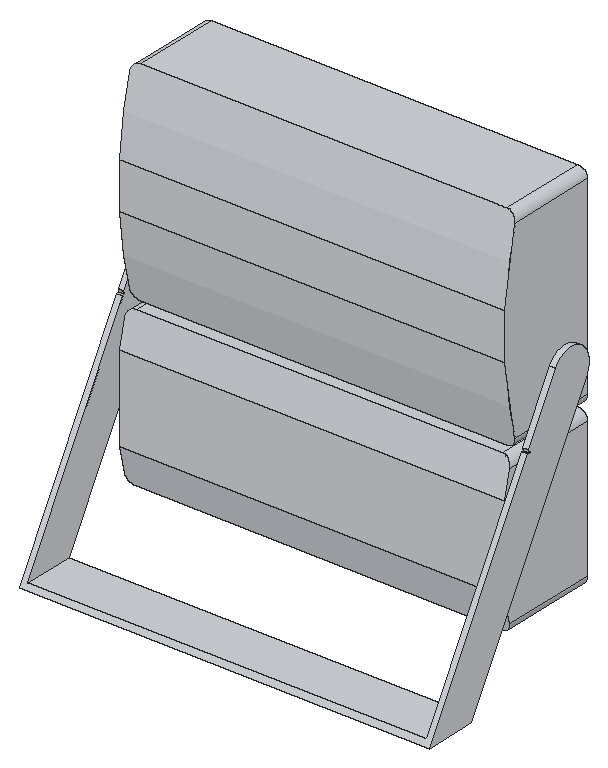
Revit family "Lighting-Proiezione-GEWISS-SMART[PRO]2.0-PROIETTORI-LED-MEDIA-POTENZA_2MODULI_DALI_CLII", category Apparecchi per illuminazione, host Superficie, Revit 2019
Family settings
  Host = Superficie
  Quota connettore circolare = Usa diametro
  Tipo di parte = Normale
  Taglio con vuoti quando caricato = No
  Sorgente d'illuminazione = No
  Condiviso = No
  Punto di calcolo locali = No
Parameters (values of type "GWP2284NB - SMARTPRO2.0 2M 4000K CRI80 A3 DALI CL2")
  Viti esterne = "Acciaio inossidabile"
  Versioni = "Luce naturale 4000K"
  Versione file RFA = "20.11"
  Vano di alimentazione = "Integrato"
  VISIBILITA PROIETTORE IN PIANTA [instance] = no
  VIBILITA SIMBOLO [instance] = not(VISIBILITA PROIETTORE IN PIANTA)  # yes
  URL = "https://www.gewiss.com/it/it"
  Tolleranza cromatica = "SDCM = 3"
  Tipologia sorgente luminosa = "LED - Non sostituibile"
  Tipo di installazione e montaggio = "Torrefaro - Parete - Terra"
  Tipo di apparecchio = "Apparecchio per proiezione LED di piccola, media e alta potenza"
  Tensione di alimentazione = "220 - 240 V"
  Temperatura di stoccaggio = "-"
  Temperatura di esercizio = "-30 +50 °C"
  Temperatura di colore = "4000K"
  Superficie massima esposta al vento : = "0,170 m2"
  Spostamento_x_effettivo = 4000 mm - Spostamento_x  # 1813.822 mm
  Spostamento_x = 2186.178 mm
  SostituibilitÃ  piastra di cablaggio = "Non disponibile"
  SostituibilitÃ  gruppo ottico = "Non disponibile"
  Sistema di controllo = "DALI"
  Schermo = "Vetro piano extrachiaro spessore 4mm"
  Scheda Tecnica = "https://www.gewiss.com/it/it/search?q=GWP2284NB"
  SEO = "Proiettore"
  Resistenza al filo incandescente = "-"
  Resistenza agli urti = "IK08"
  Default Elevation = 1219.2 mm
  Produttore = "GEWISS S.p.A."
  Potenza di sistema = "330W"
  Peso (kg): = "13"
  Ottica = "A3 - Asimmetrica Stretta"
  Norma di riferimento = "EN60598-1; EN60598-2-5; IEC 62778; IEC 62471; EN13201"
  Modello = "GWP2284NB"
  Materiali = "-"
  Lumen output (lm) = "37200"
  Lampada = "LED"
  Installazione e manutenzione = "-"
  Informazioni generali = "-"
  Indice di resa cromatica = "CRI-80"
  Inclinazione = "Rotazione su staffa con goniometro integrato"
  Immagine tipo = GWP2274AD.jpg
  IPEA = "STRADALE = A // GRANDI AREE = A3+ // CICLOPEDONALI = A+ // AREE VERDI = A+ // CENTRO STORICO = A5+ // ALTRO = A5+"
  IDT = "132314cb1b854b53a35eaeb109d835d9"
  IDF = "ff2f1168-8e46-4ea7-9efd-30bc27e4a1fa"
  Guarnizioni = "silicone antinvecchiamento"
  Gruppo ottico = "Parabola in alluminio anodizzato brillantato con alluminio puro 99,99%"
  Grado di protezione = "IP66"
  Garanzia = "5 anni"
  Gancio di chiusura = "Viti metriche esagonali"
  GW - Codice Electrocod = "2424"
  Frequenza nominale (Hz) = "50 / 60"
  Fissaggio = "Staffa"
  Finitura colore = "Verniciato a polvere poliestere"
  Efficienza luminosa (lm/W) = "113"
  Durata di vita = "L90B10 (Tq+25°C) - 40000h L90B10 (Tq+50°C) = 32000h L80B10 (Tq+25°C) - 90000h"
  Dispositivo di protezione = "DM 6 kV / CM 10 kV"
  Descrizione = "SMARTPRO2.0 2M 4000K CRI80 A3 DALI CL2"
  Creato da GEWISS S.p.A. = ""
  Corpo = "Alluminio pressofuso"
  Controllo abbagliamento e luminanza = "G*6 - ULOR = 0"
  Contesto = "Illuminazione di grandi aree, impianti sportivi"
  Colore = "Grigio grafite"
  Codice digitale univoco (Datamatrix) = "Attualmente non presente"
  Classificazione: = "-"
  Classe isolamento = "II"
  Classe fotobiologica = "-"
  Certificazioni e classificazioni = "-"
  Certificazione DIN 18032-3 = "Si"
  Catalogo = "LIGHTING"
  Caratteristiche ottiche e illuminotecniche = "-"
  Caratteristiche elettriche e gestione della luce = "-"
  Cablaggio = "Connettore stagno"
  COBie.Tagnumber = ""
  COBie.CreatedOn = ""
  COBie.CreatebBy = ""
  COBie.ComponentRegisterItemID = ""
  COBie.Component.TagNumber = ""
  COBie.Component.Space = ""
  COBie.Component.SerialNumber = ""
  COBie.Component.InstallationDate = ""
  COBie.Component.Description = ""
  COBie.Component.BarCode = ""
  Applicazione = "Interno / Esterno"
  Apparecchio a ridotta temperatura superficiale = "No"
  Alimentatore = "Incluso"
Reference planes
  plane 1 "Centro (Fronte/Retro)": y = 0
  plane 2: z = 0
  plane 3 "Centro (Sinistra/Destra)": x = 0
  plane 4: x = -1813.822
  plane 5: x = 0
Lines and regions (mm)
  Masking region 1, visible <- "VISIBILITA PROIETTORE IN PIANTA"
    outline origin (0, 0, 0) x (1, 0, 0) y (0, 1, 0)
      loop
        line (-199.835, 106.682) -> (-199.835, -103.584) -> (200.165, -103.584) -> (200.165, 106.682) -> (-199.835, 106.682)
  Masking region 2, visible <- "VISIBILITA PROIETTORE IN PIANTA"
    outline origin (0, 0, 0) x (1, 0, 0) y (0, 1, 0)
      loop
        line (-212.835, -113.135) -> (213.165, -113.135) -> (213.165, 106.682) -> (207.165, 106.682) -> (207.165, -110.249) -> (-207.165, -110.249) -> (-207.165, 106.682) -> (-212.835, 106.682) -> (-212.835, -113.135)
  symbolic lines, visible <- "VISIBILITA PROIETTORE IN PIANTA"
    curve 1: line (-193.91, 0, 417.088) -> (173.228, 0, 417.088)
    curve 2: line (-206.772, 0, 217.838) -> (-206.772, 0, 404.227)
    curve 3: line (173.228, 0, 197.838) -> (-186.772, 0, 197.838)
    curve 4: line (193.228, 0, 397.088) -> (193.228, 0, 217.838)
    curve 5: arc (-206.772, 0, 404.227) -> (-203.005, 0, 413.321) -> (-193.91, 0, 417.088) r 12.861
    curve 6: arc (193.228, 0, 397.088) -> (187.37, 0, 411.23) -> (173.228, 0, 417.088) r 20
    curve 7: arc (173.228, 0, 197.838) -> (187.37, 0, 203.696) -> (193.228, 0, 217.838) r 20
    curve 8: arc (-206.772, 0, 217.838) -> (-200.914, 0, 203.696) -> (-186.772, 0, 197.838) r 20
    curve 9: line (-193.91, 0, 182.088) -> (173.228, 0, 182.088)
    curve 10: line (-206.772, 0, 57.838) -> (-206.772, 0, 169.227)
    curve 11: line (173.228, 0, 37.838) -> (-186.772, 0, 37.838)
    curve 12: line (193.228, 0, 162.088) -> (193.228, 0, 57.838)
    curve 13: arc (-206.772, 0, 169.227) -> (-203.005, 0, 178.321) -> (-193.91, 0, 182.088) r 12.861
    curve 14: arc (193.228, 0, 162.088) -> (187.37, 0, 176.23) -> (173.228, 0, 182.088) r 20
    curve 15: arc (173.228, 0, 37.838) -> (187.37, 0, 43.696) -> (193.228, 0, 57.838) r 20
    curve 16: arc (-206.772, 0, 57.838) -> (-200.914, 0, 43.696) -> (-186.772, 0, 37.838) r 20
    curve 17: line (-227.35, 0, 25) -> (-227.35, 0, 253.745)
    curve 18: line (-222.35, 0, 248.021) -> (-222.35, 0, 30)
    curve 19: line (181.521, 0, 0) -> (-192.35, 0, 0)
    curve 20: line (-197.35, 0, -5) -> (186.521, 0, -5)
    curve 21: arc (-227.35, 0, 25) -> (-218.563, 0, 3.787) -> (-197.35, 0, -5) r 30
    curve 22: arc (-222.35, 0, 30) -> (-213.563, 0, 8.787) -> (-192.35, 0, 0) r 30
    curve 23: line (-227.35, 0, 211.958) -> (-225.82, 0, 211.958)
    curve 24: line (-225.82, 0, 211.958) -> (-227.841, 0, 215.455)
    curve 25: line (-227.841, 0, 215.455) -> (-231.85, 0, 222.399)
    curve 26: line (-231.85, 0, 222.399) -> (-231.85, 0, 228.935)
    curve 27: line (-231.85, 0, 228.935) -> (-231.85, 0, 247.511)
    curve 28: line (-231.85, 0, 247.511) -> (-226.218, 0, 257.265)
    curve 29: line (-222.35, 0, 211.265) -> (-204.35, 0, 211.265)
    curve 30: line (-204.35, 0, 257.265) -> (-226.218, 0, 257.265)
    curve 31: line (216.521, 0, 25) -> (216.521, 0, 253.745)
    curve 32: line (211.521, 0, 248.021) -> (211.521, 0, 30)
    curve 33: arc (216.521, 0, 25) -> (207.734, 0, 3.787) -> (186.521, 0, -5) r 30
    curve 34: arc (211.521, 0, 30) -> (202.734, 0, 8.787) -> (181.521, 0, 0) r 30
    curve 35: line (216.521, 0, 211.958) -> (214.991, 0, 211.958)
    curve 36: line (214.991, 0, 211.958) -> (217.011, 0, 215.455)
    curve 37: line (217.011, 0, 215.455) -> (221.021, 0, 222.399)
    curve 38: line (221.021, 0, 222.399) -> (221.021, 0, 228.935)
    curve 39: line (221.021, 0, 228.935) -> (221.021, 0, 247.511)
    curve 40: line (221.021, 0, 247.511) -> (215.389, 0, 257.265)
    curve 41: line (211.521, 0, 211.265) -> (193.521, 0, 211.265)
    curve 42: line (193.521, 0, 257.265) -> (215.389, 0, 257.265)
  symbolic lines, visible <- "VISIBILITA PROIETTORE IN PIANTA", not visible
    curve 43: line (382.37, 0, 549.17) -> (749.508, 0, 549.17)
    curve 44: line (369.508, 0, 349.92) -> (369.508, 0, 536.309)
    curve 45: line (749.508, 0, 329.92) -> (389.508, 0, 329.92)
    curve 46: line (769.508, 0, 529.17) -> (769.508, 0, 349.92)
    curve 47: arc (369.508, 0, 536.309) -> (373.275, 0, 545.403) -> (382.37, 0, 549.17) r 12.861
    curve 48: arc (769.508, 0, 529.17) -> (763.651, 0, 543.313) -> (749.508, 0, 549.17) r 20
    curve 49: arc (749.508, 0, 329.92) -> (763.651, 0, 335.778) -> (769.508, 0, 349.92) r 20
    curve 50: arc (369.508, 0, 349.92) -> (375.366, 0, 335.778) -> (389.508, 0, 329.92) r 20
    curve 51: line (382.37, 0, 314.17) -> (749.508, 0, 314.17)
    curve 52: line (369.508, 0, 189.92) -> (369.508, 0, 301.309)
    curve 53: line (749.508, 0, 169.92) -> (389.508, 0, 169.92)
    curve 54: line (769.508, 0, 294.17) -> (769.508, 0, 189.92)
    curve 55: arc (369.508, 0, 301.309) -> (373.275, 0, 310.403) -> (382.37, 0, 314.17) r 12.861
    curve 56: arc (769.508, 0, 294.17) -> (763.651, 0, 308.313) -> (749.508, 0, 314.17) r 20
    curve 57: arc (749.508, 0, 169.92) -> (763.651, 0, 175.778) -> (769.508, 0, 189.92) r 20
    curve 58: arc (369.508, 0, 189.92) -> (375.366, 0, 175.778) -> (389.508, 0, 169.92) r 20
    curve 59: line (348.93, 0, 157.082) -> (348.93, 0, 385.828)
    curve 60: line (353.93, 0, 380.103) -> (353.93, 0, 162.082)
    curve 61: line (757.801, 0, 132.082) -> (383.93, 0, 132.082)
    curve 62: line (378.93, 0, 127.082) -> (762.801, 0, 127.082)
    curve 63: arc (348.93, 0, 157.082) -> (357.717, 0, 135.869) -> (378.93, 0, 127.082) r 30
    curve 64: arc (353.93, 0, 162.082) -> (362.717, 0, 140.869) -> (383.93, 0, 132.082) r 30
    curve 65: line (348.93, 0, 344.04) -> (350.46, 0, 344.04)
    curve 66: line (350.46, 0, 344.04) -> (348.439, 0, 347.537)
    curve 67: line (348.439, 0, 347.537) -> (344.43, 0, 354.481)
    curve 68: line (344.43, 0, 354.481) -> (344.43, 0, 361.017)
    curve 69: line (344.43, 0, 361.017) -> (344.43, 0, 379.593)
    curve 70: line (344.43, 0, 379.593) -> (350.062, 0, 389.347)
    curve 71: line (353.93, 0, 343.347) -> (371.93, 0, 343.347)
    curve 72: line (371.93, 0, 389.347) -> (350.062, 0, 389.347)
    curve 73: line (792.801, 0, 157.082) -> (792.801, 0, 385.828)
    curve 74: line (787.801, 0, 380.103) -> (787.801, 0, 162.082)
    curve 75: arc (792.801, 0, 157.082) -> (784.014, 0, 135.869) -> (762.801, 0, 127.082) r 30
    curve 76: arc (787.801, 0, 162.082) -> (779.014, 0, 140.869) -> (757.801, 0, 132.082) r 30
    curve 77: line (792.801, 0, 344.04) -> (791.271, 0, 344.04)
    curve 78: line (791.271, 0, 344.04) -> (793.292, 0, 347.537)
    curve 79: line (793.292, 0, 347.537) -> (797.301, 0, 354.481)
    curve 80: line (797.301, 0, 354.481) -> (797.301, 0, 361.017)
    curve 81: line (797.301, 0, 361.017) -> (797.301, 0, 379.593)
    curve 82: line (797.301, 0, 379.593) -> (791.669, 0, 389.347)
    curve 83: line (787.801, 0, 343.347) -> (769.801, 0, 343.347)
    curve 84: line (769.801, 0, 389.347) -> (791.669, 0, 389.347)
    curve 85: line (-193.91, 0, 417.088) -> (173.228, 0, 417.088)
    curve 86: line (-206.772, 0, 217.838) -> (-206.772, 0, 404.227)
    curve 87: line (173.228, 0, 197.838) -> (-186.772, 0, 197.838)
    curve 88: line (193.228, 0, 397.088) -> (193.228, 0, 217.838)
    curve 89: arc (-206.772, 0, 404.227) -> (-203.005, 0, 413.321) -> (-193.91, 0, 417.088) r 12.861
    curve 90: arc (193.228, 0, 397.088) -> (187.37, 0, 411.23) -> (173.228, 0, 417.088) r 20
    curve 91: arc (173.228, 0, 197.838) -> (187.37, 0, 203.696) -> (193.228, 0, 217.838) r 20
    curve 92: arc (-206.772, 0, 217.838) -> (-200.914, 0, 203.696) -> (-186.772, 0, 197.838) r 20
    curve 93: line (-193.91, 0, 182.088) -> (173.228, 0, 182.088)
    curve 94: line (-206.772, 0, 57.838) -> (-206.772, 0, 169.227)
    curve 95: line (173.228, 0, 37.838) -> (-186.772, 0, 37.838)
    curve 96: line (193.228, 0, 162.088) -> (193.228, 0, 57.838)
    curve 97: arc (-206.772, 0, 169.227) -> (-203.005, 0, 178.321) -> (-193.91, 0, 182.088) r 12.861
    curve 98: arc (193.228, 0, 162.088) -> (187.37, 0, 176.23) -> (173.228, 0, 182.088) r 20
    curve 99: arc (173.228, 0, 37.838) -> (187.37, 0, 43.696) -> (193.228, 0, 57.838) r 20
    curve 100: arc (-206.772, 0, 57.838) -> (-200.914, 0, 43.696) -> (-186.772, 0, 37.838) r 20
    curve 101: line (-227.35, 0, 25) -> (-227.35, 0, 253.745)
    curve 102: line (-222.35, 0, 248.021) -> (-222.35, 0, 30)
    curve 103: line (181.521, 0, 0) -> (-192.35, 0, 0)
    curve 104: line (-197.35, 0, -5) -> (186.521, 0, -5)
    curve 105: arc (-227.35, 0, 25) -> (-218.563, 0, 3.787) -> (-197.35, 0, -5) r 30
    curve 106: arc (-222.35, 0, 30) -> (-213.563, 0, 8.787) -> (-192.35, 0, 0) r 30
    curve 107: line (-227.35, 0, 211.958) -> (-225.82, 0, 211.958)
    curve 108: line (-225.82, 0, 211.958) -> (-227.841, 0, 215.455)
    curve 109: line (-227.841, 0, 215.455) -> (-231.85, 0, 222.399)
    curve 110: line (-231.85, 0, 222.399) -> (-231.85, 0, 228.935)
    curve 111: line (-231.85, 0, 228.935) -> (-231.85, 0, 247.511)
    curve 112: line (-231.85, 0, 247.511) -> (-226.218, 0, 257.265)
    curve 113: line (-222.35, 0, 211.265) -> (-204.35, 0, 211.265)
    curve 114: line (-204.35, 0, 257.265) -> (-226.218, 0, 257.265)
    curve 115: line (216.521, 0, 25) -> (216.521, 0, 253.745)
    curve 116: line (211.521, 0, 248.021) -> (211.521, 0, 30)
    curve 117: arc (216.521, 0, 25) -> (207.734, 0, 3.787) -> (186.521, 0, -5) r 30
    curve 118: arc (211.521, 0, 30) -> (202.734, 0, 8.787) -> (181.521, 0, 0) r 30
    curve 119: line (216.521, 0, 211.958) -> (214.991, 0, 211.958)
    curve 120: line (214.991, 0, 211.958) -> (217.011, 0, 215.455)
    curve 121: line (217.011, 0, 215.455) -> (221.021, 0, 222.399)
    curve 122: line (221.021, 0, 222.399) -> (221.021, 0, 228.935)
    curve 123: line (221.021, 0, 228.935) -> (221.021, 0, 247.511)
    curve 124: line (221.021, 0, 247.511) -> (215.389, 0, 257.265)
    curve 125: line (211.521, 0, 211.265) -> (193.521, 0, 211.265)
    curve 126: line (193.521, 0, 257.265) -> (215.389, 0, 257.265)
Dimensions and locks
  plane 4 to plane 3 "Centro (Sinistra/Destra)" = 1813.822 mm
  "Spostamento_x_effettivo": plane 4 to plane 5
  aligned and locked: plane 2 to host face
  aligned and locked: level to host face
  aligned and locked: plane 3 "Centro (Sinistra/Destra)" to nested 1
  aligned and locked: plane 5 to nested 2
Automatic sketch dimensions
  host sketch curve to host sketch curve = 2438.4 mm  (x2)
  Masking region 1 sketch curve to plane 3 "Centro (Sinistra/Destra)" = 199.835 mm
  plane 3 "Centro (Sinistra/Destra)" to Masking region 1 sketch curve = 200.165 mm
  plane 1 "Centro (Fronte/Retro)" to Masking region 1 sketch curve = 103.584 mm
  Masking region 1 sketch curve to plane 1 "Centro (Fronte/Retro)" = 106.682 mm
  Masking region 2 sketch curve to plane 3 "Centro (Sinistra/Destra)" = 212.835 mm
  Masking region 2 sketch curve to Masking region 2 sketch curve = 5.671 mm
  plane 3 "Centro (Sinistra/Destra)" to Masking region 2 sketch curve = 207.165 mm
  Masking region 2 sketch curve to Masking region 2 sketch curve = 6 mm
  plane 1 "Centro (Fronte/Retro)" to Masking region 2 sketch curve = 113.135 mm
  Masking region 2 sketch curve to Masking region 2 sketch curve = 2.887 mm
  Masking region 2 sketch curve to plane 1 "Centro (Fronte/Retro)" = 106.682 mm  (x2)
Nested families
  nested 1: "SMART[PRO]2.0 PROIETTORI LED MEDIA POTENZA 2 MOD DALI_BASE" at (-212.835, -103.584, 0), type "GWP2273AD - 3000K - Symm. S1 - 2x80 LED - 330W - IP66"
  nested 2: "SIMB2DALI" at (0, 20, 0), type "SIMB2DALI"
  nested 3: "SIMB2DALI" at (0, 0, 228.171) x (1, 0, 0) z (0, -1, 0), visible <- "VIBILITA SIMBOLO", type "SIMB2DALI"
Definition of nested family "SMART[PRO]2.0 PROIETTORI LED MEDIA POTENZA 2 MOD DALI_BASE"
  Parameters (values of type "GWP2273AD - 3000K - Symm. S1 - 2x80 LED - 330W - IP66")
    l = 400 mm  # constant formula
    Vetro = none
    Versioni = "Luce calda 3000K"
    Temperatura di colore = "3000 K (CRI 70)"
    Superficie massima esposta al vento [mq] = "0,43"
    Serie = "SMART [PRO] 2.0"
    Resistenza agli urti = "IK08"
    Regolazione inclinazione = "-180° ÷ + 180° staffa"
    Default Elevation = 1219.2 mm
    Manufacturer = "GEWISS"
    Potenza di sistema = "330W"
    Peso (kg) = "13"
    Ottica = "Simmetrica S1"
    N° LED = "160"
    Numero moduli = "2 (2x80 LED)"
    Model = "GWP2273AD"
    Lumen output (lm) = "34925"
    Lamp = "LED"
    Type Image = element 180151
    GW - Grado di protezione = "IP66"
    Garanzia = "5 anni"
    GEWISS SCHEDA TECNICA = "http://pro.gewiss.com/irj/portal/?NavigationTarget=pcd:portal_content/com.gewiss.ZPPFDMain/com.gewiss.ZPPFDITMain/com.gewiss.ZPPFDITMainDefault/com.gewiss.ZPPFDITPages/com.gewiss.ZPPFDITPagesAP/com.gewiss.ZPPFDITPagesAPCatalogo/com.gewiss.ZPPPDITAPProductDetail&codProd=GWP2273AD"
    Flusso nominale = "44800"
    Description = "SMART PRO 2M 3000K CRI70 TYPE S1 DALI"
    GW - Codice Electrocod = "2424"
    Classe isolamento = "I"
    Applicazione = "Interno / Esterno"
  Types (32, lengths in mm): name | Versioni | Temperatura di colore | Ottica | Model | Lumen output (lm) | GEWISS SCHEDA TECNICA | Flusso nominale | Description
    GWP2273AD - 3000K - Symm. S1 - 2x80 LED - 330W - IP66 | "Luce calda 3000K" | "3000 K (CRI 70)" | "Simmetrica S1" | "GWP2273AD" | "34925" | "http://pro.gewiss.com/irj/portal/?NavigationTarget=pcd:portal_content/com.gewiss.ZPPFDMain/com.gewiss.ZPPFDITMain/com.gewiss.ZPPFDITMainDefault/com.gewiss.ZPPFDITPages/com.gewiss.ZPPFDITPagesAP/com.gewiss.ZPPFDITPagesAPCatalogo/com.gewiss.ZPPPDITAPProductDetail&codProd=GWP2273AD" | "44800" | "SMART PRO 2M 3000K CRI70 TYPE S1 DALI"
    GWP2273BD - 3000K - Symm. S2 - 2x80 LED - 330W - IP66 | "Luce calda 3000K" | "3000 K (CRI 70)" | "Simmetrica S2" | "GWP2273BD" | "37137" | "http://pro.gewiss.com/irj/portal/?NavigationTarget=pcd:portal_content/com.gewiss.ZPPFDMain/com.gewiss.ZPPFDITMain/com.gewiss.ZPPFDITMainDefault/com.gewiss.ZPPFDITPages/com.gewiss.ZPPFDITPagesAP/com.gewiss.ZPPFDITPagesAPCatalogo/com.gewiss.ZPPPDITAPProductDetail&codProd=GWP2273BD" | "44800" | "SMART PRO 2M 3000K CRI70 TYPE S2 DALI"
    GWP2273CD - 3000K - Asymm. A1 - 2x80 LED - 330W - IP66 | "Luce calda 3000K" | "3000 K (CRI 70)" | "Asimmetrica A1" | "GWP2273CD" | "34141" | "http://pro.gewiss.com/irj/portal/?NavigationTarget=pcd:portal_content/com.gewiss.ZPPFDMain/com.gewiss.ZPPFDITMain/com.gewiss.ZPPFDITMainDefault/com.gewiss.ZPPFDITPages/com.gewiss.ZPPFDITPagesAP/com.gewiss.ZPPFDITPagesAPCatalogo/com.gewiss.ZPPPDITAPProductDetail&codProd=GWP2273CD" | "44800" | "SMART PRO 2M 3000K CRI70 TYPE A1 DALI"
    GWP2273FD - 3000K - Asymm. A2 - 2x80 LED - 330W - IP66 | "Luce calda 3000K" | "3000 K (CRI 70)" | "Asimmetrica A2" | "GWP2273FD" | "29176" | "http://pro.gewiss.com/irj/portal/?NavigationTarget=pcd:portal_content/com.gewiss.ZPPFDMain/com.gewiss.ZPPFDITMain/com.gewiss.ZPPFDITMainDefault/com.gewiss.ZPPFDITPages/com.gewiss.ZPPFDITPagesAP/com.gewiss.ZPPFDITPagesAPCatalogo/com.gewiss.ZPPPDITAPProductDetail&codProd=GWP2273FD" | "44800" | "SMART PRO 2M 3000K CRI70 TYPE A2 DALI"
    GWP2273GD - 3000K - Circ. C4 - 2x80 LED - 330W - IP66 | "Luce calda 3000K" | "3000 K (CRI 70)" | "Circolare C4" | "GWP2273GD" | "35261" | "http://pro.gewiss.com/irj/portal/?NavigationTarget=pcd:portal_content/com.gewiss.ZPPFDMain/com.gewiss.ZPPFDITMain/com.gewiss.ZPPFDITMainDefault/com.gewiss.ZPPFDITPages/com.gewiss.ZPPFDITPagesAP/com.gewiss.ZPPFDITPagesAPCatalogo/com.gewiss.ZPPPDITAPProductDetail&codProd=GWP2273GD" | "44800" | "SMART PRO 2M 3000K CRI70 TYPE C4 DALI"
    GWP2273HD - 3000K - Circ. C3 - 2x80 LED - 330W - IP66 | "Luce calda 3000K" | "3000 K (CRI 70)" | "Circolare C3" | "GWP2273HD" | "35261" | "http://pro.gewiss.com/irj/portal/?NavigationTarget=pcd:portal_content/com.gewiss.ZPPFDMain/com.gewiss.ZPPFDITMain/com.gewiss.ZPPFDITMainDefault/com.gewiss.ZPPFDITPages/com.gewiss.ZPPFDITPagesAP/com.gewiss.ZPPFDITPagesAPCatalogo/com.gewiss.ZPPPDITAPProductDetail&codProd=GWP2273HD" | "44800" | "SMART PRO 2M 3000K CRI70 TYPE C3 DALI"
    GWP2273LD - 3000K - Circ. C2 - 2x80 LED - 330W - IP66 | "Luce calda 3000K" | "3000 K (CRI 70)" | "Circolare C2" | "GWP2273LD" | "35261" | "http://pro.gewiss.com/irj/portal/?NavigationTarget=pcd:portal_content/com.gewiss.ZPPFDMain/com.gewiss.ZPPFDITMain/com.gewiss.ZPPFDITMainDefault/com.gewiss.ZPPFDITPages/com.gewiss.ZPPFDITPagesAP/com.gewiss.ZPPFDITPagesAPCatalogo/com.gewiss.ZPPPDITAPProductDetail&codProd=GWP2273LD" | "44800" | "SMART PRO 2M 3000K CRI70 TYPE C2 DALI"
    GWP2273MD - 3000K - Circ. C1 - 2x80 LED - 330W - IP66 | "Luce calda 3000K" | "3000 K (CRI 70)" | "Circolare C1" | "GWP2273MD" | "35261" | "http://pro.gewiss.com/irj/portal/?NavigationTarget=pcd:portal_content/com.gewiss.ZPPFDMain/com.gewiss.ZPPFDITMain/com.gewiss.ZPPFDITMainDefault/com.gewiss.ZPPFDITPages/com.gewiss.ZPPFDITPagesAP/com.gewiss.ZPPFDITPagesAPCatalogo/com.gewiss.ZPPPDITAPProductDetail&codProd=GWP2273MD" | "44800" | "SMART PRO 2M 3000K CRI70 TYPE C1 DALI"
    GWP2274AD - 4000K - Symm. S1 - 2x80 LED - 330W - IP66 | "Luce naturale 4000K" | "4000 K (CRI 70)" | "Simmetrica S1" | "GWP2274AD" | "37420" | "http://pro.gewiss.com/irj/portal/?NavigationTarget=pcd:portal_content/com.gewiss.ZPPFDMain/com.gewiss.ZPPFDITMain/com.gewiss.ZPPFDITMainDefault/com.gewiss.ZPPFDITPages/com.gewiss.ZPPFDITPagesAP/com.gewiss.ZPPFDITPagesAPCatalogo/com.gewiss.ZPPPDITAPProductDetail&codProd=GWP2274AD" | "48000" | "SMART PRO 2M 4000K CRI70 TYPE S1 DALI"
    GWP2274BD - 4000K - Symm. S2 - 2x80 LED - 330W - IP66 | "Luce naturale 4000K" | "4000 K (CRI 70)" | "Simmetrica S2" | "GWP2274BD" | "39790" | "http://pro.gewiss.com/irj/portal/?NavigationTarget=pcd:portal_content/com.gewiss.ZPPFDMain/com.gewiss.ZPPFDITMain/com.gewiss.ZPPFDITMainDefault/com.gewiss.ZPPFDITPages/com.gewiss.ZPPFDITPagesAP/com.gewiss.ZPPFDITPagesAPCatalogo/com.gewiss.ZPPPDITAPProductDetail&codProd=GWP2274BD" | "48000" | "SMART PRO 2M 4000K CRI70 TYPE S2 DALI"
    GWP2274CD - 4000K - Asymm. A1 - 2x80 LED - 330W - IP66 | "Luce naturale 4000K" | "4000 K (CRI 70)" | "Asimmetrica A1" | "GWP2274CD" | "36580" | "http://pro.gewiss.com/irj/portal/?NavigationTarget=pcd:portal_content/com.gewiss.ZPPFDMain/com.gewiss.ZPPFDITMain/com.gewiss.ZPPFDITMainDefault/com.gewiss.ZPPFDITPages/com.gewiss.ZPPFDITPagesAP/com.gewiss.ZPPFDITPagesAPCatalogo/com.gewiss.ZPPPDITAPProductDetail&codProd=GWP2274CD" | "48000" | "SMART PRO 2M 4000K CRI70 TYPE A1 DALI"
    GWP2274FD - 4000K - Asymm. A2 - 2x80 LED - 330W - IP66 | "Luce naturale 4000K" | "4000 K (CRI 70)" | "Asimmetrica A2" | "GWP2274FD" | "31260" | "http://pro.gewiss.com/irj/portal/?NavigationTarget=pcd:portal_content/com.gewiss.ZPPFDMain/com.gewiss.ZPPFDITMain/com.gewiss.ZPPFDITMainDefault/com.gewiss.ZPPFDITPages/com.gewiss.ZPPFDITPagesAP/com.gewiss.ZPPFDITPagesAPCatalogo/com.gewiss.ZPPPDITAPProductDetail&codProd=GWP2274FD" | "48000" | "SMART PRO 2M 4000K CRI70 TYPE A2 DALI"
    GWP2274GD - 4000K - Circ. C4 - 2x80 LED - 330W - IP66 | "Luce naturale 4000K" | "4000 K (CRI 70)" | "Circolare C4" | "GWP2274GD" | "37780" | "http://pro.gewiss.com/irj/portal/?NavigationTarget=pcd:portal_content/com.gewiss.ZPPFDMain/com.gewiss.ZPPFDITMain/com.gewiss.ZPPFDITMainDefault/com.gewiss.ZPPFDITPages/com.gewiss.ZPPFDITPagesAP/com.gewiss.ZPPFDITPagesAPCatalogo/com.gewiss.ZPPPDITAPProductDetail&codProd=GWP2274GD" | "48000" | "SMART PRO 2M 4000K CRI70 TYPE C4 DALI"
    GWP2274HD - 4000K - Circ. C3 - 2x80 LED - 330W - IP66 | "Luce naturale 4000K" | "4000 K (CRI 70)" | "Circolare C3" | "GWP2274HD" | "37780" | "http://pro.gewiss.com/irj/portal/?NavigationTarget=pcd:portal_content/com.gewiss.ZPPFDMain/com.gewiss.ZPPFDITMain/com.gewiss.ZPPFDITMainDefault/com.gewiss.ZPPFDITPages/com.gewiss.ZPPFDITPagesAP/com.gewiss.ZPPFDITPagesAPCatalogo/com.gewiss.ZPPPDITAPProductDetail&codProd=GWP2274HD" | "48000" | "SMART PRO 2M 4000K CRI70 TYPE C3 DALI"
    GWP2274LD - 4000K - Circ. C2 - 2x80 LED - 330W - IP66 | "Luce naturale 4000K" | "4000 K (CRI 70)" | "Circolare C2" | "GWP2274LD" | "37780" | "http://pro.gewiss.com/irj/portal/?NavigationTarget=pcd:portal_content/com.gewiss.ZPPFDMain/com.gewiss.ZPPFDITMain/com.gewiss.ZPPFDITMainDefault/com.gewiss.ZPPFDITPages/com.gewiss.ZPPFDITPagesAP/com.gewiss.ZPPFDITPagesAPCatalogo/com.gewiss.ZPPPDITAPProductDetail&codProd=GWP2274LD" | "48000" | "SMART PRO 2M 4000K CRI70 TYPE C2 DALI"
    GWP2274MD - 4000K - Circ. C1 - 2x80 LED - 330W - IP66 | "Luce naturale 4000K" | "4000 K (CRI 70)" | "Circolare C1" | "GWP2274MD" | "37780" | "http://pro.gewiss.com/irj/portal/?NavigationTarget=pcd:portal_content/com.gewiss.ZPPFDMain/com.gewiss.ZPPFDITMain/com.gewiss.ZPPFDITMainDefault/com.gewiss.ZPPFDITPages/com.gewiss.ZPPFDITPagesAP/com.gewiss.ZPPFDITPagesAPCatalogo/com.gewiss.ZPPPDITAPProductDetail&codProd=GWP2274MD" | "48000" | "SMART PRO 2M 4000K CRI70 TYPE C1 DALI"
    GWP2275AD - 5700K - Symm. S1 - 2x80 LED - 330W - IP66 | "Luce fredda 5700K" | "5700 K (CRI 70)" | "Simmetrica S1" | "GWP2275AD" | "37420" | "http://pro.gewiss.com/irj/portal/?NavigationTarget=pcd:portal_content/com.gewiss.ZPPFDMain/com.gewiss.ZPPFDITMain/com.gewiss.ZPPFDITMainDefault/com.gewiss.ZPPFDITPages/com.gewiss.ZPPFDITPagesAP/com.gewiss.ZPPFDITPagesAPCatalogo/com.gewiss.ZPPPDITAPProductDetail&codProd=GWP2275AD" | "48000" | "SMART PRO 2M 5700K CRI70 TYPE S1 DALI"
    GWP2275BD - 5700K - Symm. S2 - 2x80 LED - 330W - IP66 | "Luce fredda 5700K" | "5700 K (CRI 70)" | "Simmetrica S2" | "GWP2275BD" | "39790" | "http://pro.gewiss.com/irj/portal/?NavigationTarget=pcd:portal_content/com.gewiss.ZPPFDMain/com.gewiss.ZPPFDITMain/com.gewiss.ZPPFDITMainDefault/com.gewiss.ZPPFDITPages/com.gewiss.ZPPFDITPagesAP/com.gewiss.ZPPFDITPagesAPCatalogo/com.gewiss.ZPPPDITAPProductDetail&codProd=GWP2275BD" | "48000" | "SMART PRO 2M 5700K CRI70 TYPE S2 DALI"
    GWP2275CD - 5700K - Asymm. A1 - 2x80 LED - 330W - IP66 | "Luce fredda 5700K" | "5700 K (CRI 70)" | "Asimmetrica A1" | "GWP2275CD" | "36580" | "http://pro.gewiss.com/irj/portal/?NavigationTarget=pcd:portal_content/com.gewiss.ZPPFDMain/com.gewiss.ZPPFDITMain/com.gewiss.ZPPFDITMainDefault/com.gewiss.ZPPFDITPages/com.gewiss.ZPPFDITPagesAP/com.gewiss.ZPPFDITPagesAPCatalogo/com.gewiss.ZPPPDITAPProductDetail&codProd=GWP2275CD" | "48000" | "SMART PRO 2M 5700K CRI70 TYPE A1 DALI"
    GWP2275FD - 5700K - Asymm. A2 - 2x80 LED - 330W - IP66 | "Luce fredda 5700K" | "5700 K (CRI 70)" | "Asimmetrica A2" | "GWP2275FD" | "31260" | "http://pro.gewiss.com/irj/portal/?NavigationTarget=pcd:portal_content/com.gewiss.ZPPFDMain/com.gewiss.ZPPFDITMain/com.gewiss.ZPPFDITMainDefault/com.gewiss.ZPPFDITPages/com.gewiss.ZPPFDITPagesAP/com.gewiss.ZPPFDITPagesAPCatalogo/com.gewiss.ZPPPDITAPProductDetail&codProd=GWP2275FD" | "48000" | "SMART PRO 2M 5700K CRI70 TYPE A2 DALI"
    GWP2275GD - 5700K - Circ. C4 - 2x80 LED - 330W - IP66 | "Luce fredda 5700K" | "5700 K (CRI 70)" | "Circolare C4" | "GWP2275GD" | "37780" | "http://pro.gewiss.com/irj/portal/?NavigationTarget=pcd:portal_content/com.gewiss.ZPPFDMain/com.gewiss.ZPPFDITMain/com.gewiss.ZPPFDITMainDefault/com.gewiss.ZPPFDITPages/com.gewiss.ZPPFDITPagesAP/com.gewiss.ZPPFDITPagesAPCatalogo/com.gewiss.ZPPPDITAPProductDetail&codProd=GWP2275GD" | "48000" | "SMART PRO 2M 5700K CRI70 TYPE C4 DALI"
    GWP2275HD - 5700K - Circ. C3 - 2x80 LED - 330W - IP66 | "Luce fredda 5700K" | "5700 K (CRI 70)" | "Circolare C3" | "GWP2275HD" | "37780" | "http://pro.gewiss.com/irj/portal/?NavigationTarget=pcd:portal_content/com.gewiss.ZPPFDMain/com.gewiss.ZPPFDITMain/com.gewiss.ZPPFDITMainDefault/com.gewiss.ZPPFDITPages/com.gewiss.ZPPFDITPagesAP/com.gewiss.ZPPFDITPagesAPCatalogo/com.gewiss.ZPPPDITAPProductDetail&codProd=GWP2275HD" | "48000" | "SMART PRO 2M 5700K CRI70 TYPE C3 DALI"
    GWP2275LD - 5700K - Circ. C2 - 2x80 LED - 330W - IP66 | "Luce fredda 5700K" | "5700 K (CRI 70)" | "Circolare C2" | "GWP2275LD" | "37780" | "http://pro.gewiss.com/irj/portal/?NavigationTarget=pcd:portal_content/com.gewiss.ZPPFDMain/com.gewiss.ZPPFDITMain/com.gewiss.ZPPFDITMainDefault/com.gewiss.ZPPFDITPages/com.gewiss.ZPPFDITPagesAP/com.gewiss.ZPPFDITPagesAPCatalogo/com.gewiss.ZPPPDITAPProductDetail&codProd=GWP2275LD" | "48000" | "SMART PRO 2M 5700K CRI70 TYPE C2 DALI"
    GWP2275MD - 5700K - Circ. C1 - 2x80 LED - 330W - IP66 | "Luce fredda 5700K" | "5700 K (CRI 70)" | "Circolare C1" | "GWP2275MD" | "37780" | "http://pro.gewiss.com/irj/portal/?NavigationTarget=pcd:portal_content/com.gewiss.ZPPFDMain/com.gewiss.ZPPFDITMain/com.gewiss.ZPPFDITMainDefault/com.gewiss.ZPPFDITPages/com.gewiss.ZPPFDITPagesAP/com.gewiss.ZPPFDITPagesAPCatalogo/com.gewiss.ZPPPDITAPProductDetail&codProd=GWP2275MD" | "48000" | "SMART PRO 2M 5700K CRI70 TYPE C1 DALI"
    GWP2284AD | "Luce naturale 4000K" | "4000 K (CRI 70)" | "Simmetrica S1" | "GWP2274AD" | "37420" | "http://pro.gewiss.com/irj/portal/?NavigationTarget=pcd:portal_content/com.gewiss.ZPPFDMain/com.gewiss.ZPPFDITMain/com.gewiss.ZPPFDITMainDefault/com.gewiss.ZPPFDITPages/com.gewiss.ZPPFDITPagesAP/com.gewiss.ZPPFDITPagesAPCatalogo/com.gewiss.ZPPPDITAPProductDetail&codProd=GWP2274AD" | "48000" | "SMART PRO 2M 4000K CRI70 TYPE S1 DALI"
    GWP2284BD | "Luce naturale 4000K" | "4000 K (CRI 70)" | "Simmetrica S2" | "GWP2274BD" | "39790" | "http://pro.gewiss.com/irj/portal/?NavigationTarget=pcd:portal_content/com.gewiss.ZPPFDMain/com.gewiss.ZPPFDITMain/com.gewiss.ZPPFDITMainDefault/com.gewiss.ZPPFDITPages/com.gewiss.ZPPFDITPagesAP/com.gewiss.ZPPFDITPagesAPCatalogo/com.gewiss.ZPPPDITAPProductDetail&codProd=GWP2274BD" | "48000" | "SMART PRO 2M 4000K CRI70 TYPE S2 DALI"
    GWP2284CD | "Luce naturale 4000K" | "4000 K (CRI 70)" | "Asimmetrica A1" | "GWP2274CD" | "36580" | "http://pro.gewiss.com/irj/portal/?NavigationTarget=pcd:portal_content/com.gewiss.ZPPFDMain/com.gewiss.ZPPFDITMain/com.gewiss.ZPPFDITMainDefault/com.gewiss.ZPPFDITPages/com.gewiss.ZPPFDITPagesAP/com.gewiss.ZPPFDITPagesAPCatalogo/com.gewiss.ZPPPDITAPProductDetail&codProd=GWP2274CD" | "48000" | "SMART PRO 2M 4000K CRI70 TYPE A1 DALI"
    GWP2284FD | "Luce naturale 4000K" | "4000 K (CRI 70)" | "Asimmetrica A2" | "GWP2274FD" | "31260" | "http://pro.gewiss.com/irj/portal/?NavigationTarget=pcd:portal_content/com.gewiss.ZPPFDMain/com.gewiss.ZPPFDITMain/com.gewiss.ZPPFDITMainDefault/com.gewiss.ZPPFDITPages/com.gewiss.ZPPFDITPagesAP/com.gewiss.ZPPFDITPagesAPCatalogo/com.gewiss.ZPPPDITAPProductDetail&codProd=GWP2274FD" | "48000" | "SMART PRO 2M 4000K CRI70 TYPE A2 DALI"
    GWP2284GD | "Luce naturale 4000K" | "4000 K (CRI 70)" | "Circolare C4" | "GWP2274GD" | "37780" | "http://pro.gewiss.com/irj/portal/?NavigationTarget=pcd:portal_content/com.gewiss.ZPPFDMain/com.gewiss.ZPPFDITMain/com.gewiss.ZPPFDITMainDefault/com.gewiss.ZPPFDITPages/com.gewiss.ZPPFDITPagesAP/com.gewiss.ZPPFDITPagesAPCatalogo/com.gewiss.ZPPPDITAPProductDetail&codProd=GWP2274GD" | "48000" | "SMART PRO 2M 4000K CRI70 TYPE C4 DALI"
    GWP2284HD | "Luce naturale 4000K" | "4000 K (CRI 70)" | "Circolare C3" | "GWP2274HD" | "37780" | "http://pro.gewiss.com/irj/portal/?NavigationTarget=pcd:portal_content/com.gewiss.ZPPFDMain/com.gewiss.ZPPFDITMain/com.gewiss.ZPPFDITMainDefault/com.gewiss.ZPPFDITPages/com.gewiss.ZPPFDITPagesAP/com.gewiss.ZPPFDITPagesAPCatalogo/com.gewiss.ZPPPDITAPProductDetail&codProd=GWP2274HD" | "48000" | "SMART PRO 2M 4000K CRI70 TYPE C3 DALI"
    GWP2284LD | "Luce naturale 4000K" | "4000 K (CRI 70)" | "Circolare C2" | "GWP2274LD" | "37780" | "http://pro.gewiss.com/irj/portal/?NavigationTarget=pcd:portal_content/com.gewiss.ZPPFDMain/com.gewiss.ZPPFDITMain/com.gewiss.ZPPFDITMainDefault/com.gewiss.ZPPFDITPages/com.gewiss.ZPPFDITPagesAP/com.gewiss.ZPPFDITPagesAPCatalogo/com.gewiss.ZPPPDITAPProductDetail&codProd=GWP2274LD" | "48000" | "SMART PRO 2M 4000K CRI70 TYPE C2 DALI"
    GWP2284MD | "Luce naturale 4000K" | "4000 K (CRI 70)" | "Circolare C1" | "GWP2274MD" | "37780" | "http://pro.gewiss.com/irj/portal/?NavigationTarget=pcd:portal_content/com.gewiss.ZPPFDMain/com.gewiss.ZPPFDITMain/com.gewiss.ZPPFDITMainDefault/com.gewiss.ZPPFDITPages/com.gewiss.ZPPFDITPagesAP/com.gewiss.ZPPFDITPagesAPCatalogo/com.gewiss.ZPPPDITAPProductDetail&codProd=GWP2274MD" | "48000" | "SMART PRO 2M 4000K CRI70 TYPE C1 DALI"
  Reference planes
    plane 1 "Centro (Fronte/Retro)": y = 0
    plane 2: z = 0
    plane 3 "Centro (Sinistra/Destra)": x = 0
    plane 4: x = 5.671
    plane 5: z = 5
    plane 6: x = 426
    plane 7: x = 420
    plane 8: y = -9.551
    plane 9: y = 43.565
    plane 10: z = 267.876
    plane 11: z = 218.171
    plane 12: z = 212.854
    plane 13: x = 13
    plane 14: x = 413
    plane 15: z = 438.501
    plane 16: x = 212.835
    plane 17: z = 48.854
    plane 18: y = 210.266
    plane 19: y = 103.584
    plane 20: x = 23
    plane 21: z = 428.501
    plane 22: z = 228.171
    plane 23: x = 403
    plane 24: y = 174.258
    plane 25: x = 200.335
    plane 26: x = 225.335
  Forms (mm)
    Extrusion 1, solid
      sketch origin (0, 0, 0) x (0, 1, 0) y (0, 0, 1)
        loop
          line (153.15, 281.807) -> (-9.551, 0) -> (43.565, 0) -> (192.952, 258.745)
          arc (192.952, 258.745) -> (184.564, 290.146) -> (153.15, 281.807) r 23
      from 0 to 5.671
    Extrusion 2, solid
      sketch origin (448.871, 0, 0) x (0, 1, 0) y (0, 0, -1)
        loop
          arc (153.15, -281.807) -> (184.564, -290.146) -> (192.952, -258.745) r 23
          line (192.952, -258.745) -> (43.565, 0) -> (-9.551, 0) -> (153.15, -281.807)
      from 22.871 to 28.871
    Extrusion 3, solid
      sketch origin (0, 0, 0) x (0, 1, 0) y (0, 0, 1)
        loop
          line (46.452, 5) -> (-6.664, 5) -> (-9.551, 0) -> (43.565, 0) -> (46.452, 5)
      from 0 to 426
    Extrusion 4, solid
      sketch origin (0, 0, 0) x (1, 0, 0) y (0, 0, 1)
        loop
          arc (23, 438.501) -> (15.929, 435.572) -> (13, 428.501) r 10
          line (13, 428.501) -> (13, 228.171)
          arc (13, 228.171) -> (15.929, 221.1) -> (23, 218.171) r 10
          line (23, 218.171) -> (403, 218.171)
          arc (403, 218.171) -> (410.071, 221.1) -> (413, 228.171) r 10
          line (413, 228.171) -> (413, 428.501)
          arc (413, 428.501) -> (410.071, 435.572) -> (403, 438.501) r 10
          line (403, 438.501) -> (23, 438.501)
      from -210.266 to -103.584
    Extrusion 5, solid
      sketch origin (0, 0, 0) x (1, 0, 0) y (0, 0, 1)
        loop
          line (23, 48.854) -> (403, 48.854)
          arc (403, 48.854) -> (410.071, 51.783) -> (413, 58.854) r 10
          line (413, 58.854) -> (413, 202.854)
          arc (413, 202.854) -> (410.071, 209.925) -> (403, 212.854) r 10
          line (403, 212.854) -> (23, 212.854)
          arc (23, 212.854) -> (15.929, 209.925) -> (13, 202.854) r 10
          line (13, 202.854) -> (13, 58.854)
          arc (13, 58.854) -> (15.929, 51.783) -> (23, 48.854) r 10
      from -210.266 to -103.584
    Extrusion 6, void
      sketch origin (0, 0, 0) x (0, 1, 0) y (0, 0, 1)
        loop
          line (0, 438.501) -> (0, 218.171) -> (119.109, 218.171)
          arc (119.109, 218.171) -> (108.875, 260.63) -> (103.584, 303.983) r 379.693
          line (103.584, 303.983) -> (103.584, 352.689)
          arc (103.584, 352.689) -> (108.875, 396.042) -> (119.109, 438.501) r 379.693
          line (119.109, 438.501) -> (0, 438.501)
      from 0 to 426
    Extrusion 7, void
      sketch origin (0, 0, 0) x (1, 0, 0) y (0, 0, 1)
        loop
          arc (33, 428.501) -> (25.929, 425.572) -> (23, 418.501) r 10
          line (23, 418.501) -> (23, 238.171)
          arc (23, 238.171) -> (25.929, 231.1) -> (33, 228.171) r 10
          line (33, 228.171) -> (393, 228.171)
          arc (393, 228.171) -> (400.071, 231.1) -> (403, 238.171) r 10
          line (403, 238.171) -> (403, 418.501)
          arc (403, 418.501) -> (400.071, 425.572) -> (393, 428.501) r 10
          line (393, 428.501) -> (33, 428.501)
      from -210.266 to -174.258
    Extrusion 8, solid, material <- "Vetro"
      sketch origin (0, 0, 0) x (1, 0, 0) y (0, 0, 1)
        loop
          line (23, 418.501) -> (23, 238.171)
          arc (23, 238.171) -> (25.929, 231.1) -> (33, 228.171) r 10
          line (33, 228.171) -> (393, 228.171)
          arc (393, 228.171) -> (400.071, 231.1) -> (403, 238.171) r 10
          line (403, 238.171) -> (403, 418.501)
          arc (403, 418.501) -> (400.071, 425.572) -> (393, 428.501) r 10
          line (393, 428.501) -> (33, 428.501)
          arc (33, 428.501) -> (25.929, 425.572) -> (23, 418.501) r 10
      from -210.266 to -174.258
    Extrusion 9, void
      sketch origin (0, 0, 0) x (0, 1, 0) y (0, 0, 1)
        loop
          line (103.584, 86.118) -> (103.584, 175.59)
          arc (103.584, 175.59) -> (107.698, 194.338) -> (112.752, 212.854) r 380
          line (112.752, 212.854) -> (0, 212.854) -> (0, 48.854) -> (112.752, 48.854)
          arc (112.752, 48.854) -> (107.698, 67.37) -> (103.584, 86.118) r 380
      from 13 to 413
  Cuts and joins
    Extrusion 6, Extrusion 9 cuts Extrusion 1
    Extrusion 6, Extrusion 9 cuts Extrusion 2
    Extrusion 6, Extrusion 9 cuts Extrusion 3
    joined: Extrusion 1, Extrusion 2, Extrusion 3
    Extrusion 6, Extrusion 7 cuts Extrusion 4
    Extrusion 9 cuts Extrusion 5
  Dimensions and locks
    locked: plane 3 "Centro (Sinistra/Destra)" to plane 4 at 5.671
    locked: plane 5 to level at 5
    locked: plane 6 to plane 7 at 6
    plane 10 to plane 2 = 267.876 mm
    plane 11 to plane 12 = 5.317 mm
    locked: plane 13 to plane 4 at 7.329
    locked: plane 7 to plane 14 at 7
    plane 15 to plane 11 = 220.33 mm
    equal spacing: plane 7, plane 16, plane 4
    "l": plane 14 to plane 13
    locked: plane 20 to plane 13 at 10
    locked: plane 15 to plane 21 at 10
    locked: plane 14 to plane 23 at 10
    locked: plane 22 to plane 11 at 10
    locked: plane 24 to plane 18 at 36.008
    equal spacing: plane 26, plane 16, plane 25
    locked: plane 26 to plane 25 at 25
    radius of Extrusion 4 sketch curve = 10 mm  (x4)
    radius of Extrusion 5 sketch curve = 10 mm  (x4)
    radius of Extrusion 7 sketch curve = 10 mm  (x4)
    radius of Extrusion 8 sketch curve = 10 mm  (x4)
    angle plane 1 "Centro (Fronte/Retro)" to plane 17 = 90.00°
    angle level to plane 19 = 90.00°
    aligned and locked: level to plane 2
    aligned and locked: Extrusion 1 to plane 3 "Centro (Sinistra/Destra)"
    aligned and locked: plane 4 to Extrusion 1
    aligned and locked: plane 6 to Extrusion 2
    aligned and locked: Extrusion 2 to plane 7
    aligned and locked: Extrusion 3 sketch curve to plane 5
    aligned and locked: Extrusion 3 sketch curve to level
    aligned and locked: cut or joined group of Extrusion 1, Extrusion 2, Extrusion 3, Extrusion 6, Extrusion 9 to Extrusion 3 sketch curve
    aligned and locked: Extrusion 3 sketch curve to cut or joined group of Extrusion 1, Extrusion 2, Extrusion 3, Extrusion 6, Extrusion 9
    aligned and locked: plane 6 to cut or joined group of Extrusion 1, Extrusion 2, Extrusion 3, Extrusion 6, Extrusion 9
    aligned and locked: Extrusion 4 sketch curve to plane 15
    aligned and locked: Extrusion 4 sketch curve to plane 13
    aligned and locked: Extrusion 4 sketch curve to plane 14
    aligned and locked: Extrusion 4 sketch curve to plane 11
    aligned and locked: Extrusion 5 sketch curve to plane 17
    aligned and locked: Extrusion 5 sketch curve to plane 13
    aligned and locked: Extrusion 5 sketch curve to plane 12
    aligned and locked: Extrusion 5 sketch curve to plane 14
    aligned and locked: plane 18 to Extrusion 4
    aligned and locked: Extrusion 5 to Extrusion 4
    aligned and locked: plane 19 to Extrusion 4
    aligned and locked: Extrusion 4 to Extrusion 5
    aligned and locked: Extrusion 6 sketch curve to plane 15
    aligned and locked: Extrusion 6 sketch curve to plane 19
    aligned and locked: Extrusion 6 sketch curve to plane 1 "Centro (Fronte/Retro)"
    aligned and locked: Extrusion 6 sketch curve to plane 11
    aligned and locked: plane 6 to Extrusion 6
    aligned and locked: Extrusion 6 to plane 3 "Centro (Sinistra/Destra)"
    aligned and locked: Extrusion 7 sketch curve to plane 21
    aligned and locked: Extrusion 7 sketch curve to plane 20
    aligned and locked: Extrusion 7 sketch curve to plane 22
    aligned and locked: Extrusion 7 sketch curve to plane 23
    aligned and locked: plane 18 to Extrusion 7
    aligned and locked: Extrusion 7 to plane 24
    aligned and locked: Extrusion 8 sketch curve to plane 20
    aligned and locked: Extrusion 8 sketch curve to plane 21
    aligned and locked: Extrusion 8 sketch curve to plane 22
    aligned and locked: Extrusion 8 sketch curve to plane 23
    aligned and locked: plane 18 to Extrusion 8
    aligned and locked: Extrusion 8 to plane 24
    aligned and locked: Extrusion 9 sketch curve to plane 19
    aligned and locked: Extrusion 9 sketch curve to plane 12
    aligned and locked: Extrusion 9 sketch curve to plane 17
    aligned and locked: Extrusion 9 sketch curve to plane 1 "Centro (Fronte/Retro)"
    aligned and locked: Extrusion 9 to plane 13
    aligned and locked: plane 14 to Extrusion 9
  Automatic sketch dimensions
    Extrusion 1 sketch curve to level = 0 mm
    Extrusion 1 sketch curve to plane 8 = 0 mm
    Extrusion 1 sketch curve to plane 9 = 0 mm
    plane 10 to Extrusion 1 sketch curve = 13.931 mm
    Extrusion 1 sketch curve to plane 9 = 109.585 mm
    plane 10 to Extrusion 1 sketch curve = 2.369 mm
    Extrusion 1 sketch curve to Extrusion 1 sketch curve = 19.883 mm
    Extrusion 1 sketch curve to plane 10 = 9.131 mm  (x2)
    Extrusion 1 sketch curve to Extrusion 1 sketch curve = 0 mm
    Extrusion 2 sketch curve to level = 0 mm
    Extrusion 2 sketch curve to plane 8 = 0 mm
    Extrusion 2 sketch curve to plane 9 = 0 mm
    plane 10 to Extrusion 2 sketch curve = 13.931 mm
    Extrusion 2 sketch curve to plane 9 = 109.585 mm
    plane 10 to Extrusion 2 sketch curve = 2.369 mm
    Extrusion 2 sketch curve to Extrusion 2 sketch curve = 19.883 mm
    Extrusion 2 sketch curve to plane 10 = 9.131 mm  (x2)
    Extrusion 2 sketch curve to Extrusion 2 sketch curve = 0 mm
    plane 10 to Extrusion 6 sketch curve = 60.571 mm
    Extrusion 6 sketch curve to Extrusion 6 sketch curve = 15.525 mm
    Extrusion 6 sketch curve to plane 15 = 85.812 mm
    Extrusion 6 sketch curve to Extrusion 6 sketch curve = 0 mm  (x2)
    Extrusion 6 sketch curve to Extrusion 6 sketch curve = 0.222 mm
    plane 17 to Extrusion 9 sketch curve = 54.7 mm
    Extrusion 9 sketch curve to Extrusion 9 sketch curve = 0 mm
    Extrusion 9 sketch curve to Extrusion 9 sketch curve = 54.6 mm
    Extrusion 9 sketch curve to plane 19 = 9.168 mm
    plane 12 to Extrusion 9 sketch curve = 37.264 mm
    plane 18 to Extrusion 9 sketch curve = 266.428 mm
Definition of nested family "SIMB2DALI"
  Parameters (values of type "SIMB2DALI")
    VIS_SIMB = yes
  Reference planes
    plane 1 "Centro (Fronte/Retro)": y = 0
    plane 2: z = 0
    plane 3 "Centro (Sinistra/Destra)": x = 0
  Lines and regions (mm)
    model lines, in view "Livello rif.", visible <- "VIS_SIMB"
      curve 1: line (91.569, -18.378, 0) -> (48.369, 3.129, 0)
      curve 2: line (48.369, 3.129, 0) -> (91.569, 24.896, 0)
      curve 3: line (91.569, 24.896, 0) -> (91.569, -18.378, 0)
      curve 4: line (48.369, 24.766, 0) -> (48.369, -18.507, 0)
      curve 5: line (48.369, 3.129, 0) -> (23.108, 3.129, 0)
      curve 6: line (91.569, 3.259, 0) -> (110.222, 3.259, 0)
      curve 7: line (133.137, 69.884, 0) -> (133.137, -63.61, 0)
      curve 8: line (133.137, -63.61, 0) -> (-126.863, -63.61, 0)
      curve 9: line (-126.863, -63.61, 0) -> (-126.863, 69.884, 0)
      curve 10: line (-126.863, 69.884, 0) -> (133.137, 69.884, 0)
      curve 11: line (16.747, 52.804, 0) -> (116.097, 52.804, 0)
      curve 12: line (116.097, 52.804, 0) -> (116.097, -46.545, 0)
      curve 13: line (116.097, -46.545, 0) -> (16.747, -46.545, 0)
      curve 14: line (16.747, -46.545, 0) -> (16.747, 52.804, 0)
      curve 15: line (-35.001, -18.378, 0) -> (-78.201, 3.129, 0)
      curve 16: line (-78.201, 3.129, 0) -> (-35.001, 24.896, 0)
      curve 17: line (-35.001, 24.896, 0) -> (-35.001, -18.378, 0)
      curve 18: line (-78.201, 24.766, 0) -> (-78.201, -18.507, 0)
      curve 19: line (-78.201, 3.129, 0) -> (-103.461, 3.129, 0)
      curve 20: line (-35.001, 3.259, 0) -> (-16.348, 3.259, 0)
      curve 21: line (-109.822, 52.804, 0) -> (-10.473, 52.804, 0)
      curve 22: line (-10.473, 52.804, 0) -> (-10.473, -46.545, 0)
      curve 23: line (-10.473, -46.545, 0) -> (-109.822, -46.545, 0)
      curve 24: line (-109.822, -46.545, 0) -> (-109.822, 52.804, 0)
Types (46, lengths in mm): name | Versioni | Tolleranza cromatica | Temperatura di colore | Scheda Tecnica | Ottica | Modello | Lumen output (lm) | Indice di resa cromatica | Immagine tipo | IPEA | IDT | Gruppo ottico | Efficienza luminosa (lm/W) | Descrizione | Controllo abbagliamento e luminanza
  (no name) | "Luce naturale 4000K" | "SDCM = 3" | "4000K" | "https://www.gewiss.com/it/it/search?q=GWP2284NB" | "A3 - Asimmetrica Stretta" | "GWP2284NB" | "37200" | "CRI-80" | GWP2273AD.jpg | "STRADALE = A // GRANDI AREE = A3+ // CICLOPEDONALI = A+ // AREE VERDI = A+ // CENTRO STORICO = A5+ // ALTRO = A5+" | "132314cb1b854b53a35eaeb109d835d9" | "Parabola in alluminio anodizzato brillantato con alluminio puro 99,99%" | "113" | "SMARTPRO2.0 2M 4000K CRI80 A3 DALI CL2" | "G*6 - ULOR = 0"
  GWP2273AB - SMARTPRO2.0 2M 3000K CRI70 S1 DALI CL2 | "Luce calda 3000K" | "SDCM = 5" | "3000K" | "https://www.gewiss.com/it/it/search?q=GWP2273AB" | "S1 - Simmetrica Larga" | "GWP2273AB" | "36600" | "CRI-70" | GWP2273AD.jpg | "STRADALE = A // GRANDI AREE = A++ // CICLOPEDONALI = A+ // AREE VERDI = A+ // CENTRO STORICO = A4+ // ALTRO = A4+" | "bcf3ed806dc94bfdb0a196a68cf7a0ac" | "Riflettore in PC HT quarzato&nbsp; e metallizzato lucido" | "111" | "SMARTPRO2.0 2M 3000K CRI70 S1 DALI CL2" | "G*6 - ULOR = 0"
  GWP2273BB - SMARTPRO2.0 2M 3000K CRI70 S2 DALI CL2 | "Luce calda 3000K" | "SDCM = 5" | "3000K" | "https://www.gewiss.com/it/it/search?q=GWP2273BB" | "S2 - Simmetrica Media" | "GWP2273BB" | "37900" | "CRI-70" | GWP2273BD.jpg | "STRADALE = A // GRANDI AREE = A3+ // CICLOPEDONALI = A+ // AREE VERDI = A+ // CENTRO STORICO = A5+ // ALTRO = A5+" | "de68d92950f44d2e8ba1589c9d8da486" | "Parabola in alluminio anodizzato brillantato con alluminio puro 99,99%" | "115" | "SMARTPRO2.0 2M 3000K CRI70 S2 DALI CL2" | "G*6 - ULOR = 0"
  GWP2273CB - SMARTPRO2.0 2M 3000K CRI70 A1 DALI CL2 | "Luce calda 3000K" | "SDCM = 5" | "3000K" | "https://www.gewiss.com/it/it/search?q=GWP2273CB" | "A1 - Asimmetrica Larga" | "GWP2273CB" | "35600" | "CRI-70" | GWP2273CD.jpg | "STRADALE = B // GRANDI AREE = A++ // CICLOPEDONALI = A // AREE VERDI = A // CENTRO STORICO = A4+ // ALTRO = A4+" | "8f1243684ceb4d81923b4f7fb95e3295" | "Riflettore in PC HT quarzato&nbsp; e metallizzato lucido" | "108" | "SMARTPRO2.0 2M 3000K CRI70 A1 DALI CL2" | "G*4 - ULOR = 0"
  GWP2273FB - SMARTPRO2.0 2M 3000K CRI70 A2 DALI CL2 | "Luce calda 3000K" | "SDCM = 5" | "3000K" | "https://www.gewiss.com/it/it/search?q=GWP2273FB" | "A2 - Asimmetrica Media" | "GWP2273FB" | "30600" | "CRI-70" | GWP2273FD.jpg | "STRADALE = C // GRANDI AREE = A // CICLOPEDONALI = B // AREE VERDI = B // CENTRO STORICO = A++ // ALTRO = A++" | "a6c64139e39640f1ab2e59e331bc7523" | "Parabola in alluminio anodizzato brillantato con alluminio puro 99,99%" | "93" | "SMARTPRO2.0 2M 3000K CRI70 A2 DALI CL2" | "G*3 - ULOR = 0"
  GWP2273GB - SMARTPRO2.0 2M 3000K CRI70 C4 DALI CL2 | "Luce calda 3000K" | "SDCM = 5" | "3000K" | "https://www.gewiss.com/it/it/search?q=GWP2273GB" | "C4 - Circolare 15°" | "GWP2273GB" | "38200" | "CRI-70" | GWP2273GD.jpg | "STRADALE = A // GRANDI AREE = A3+ // CICLOPEDONALI = A+ // AREE VERDI = A+ // CENTRO STORICO = A5+ // ALTRO = A5+" | "9cb3677b3ac641089664311007dde359" | "Riflettore in PC HT quarzato&nbsp; e metallizzato lucido" | "116" | "SMARTPRO2.0 2M 3000K CRI70 C4 DALI CL2" | "G*6 - ULOR = 0"
  GWP2273HB - SMARTPRO2.0 2M 3000K CRI70 C3 DALI CL2 | "Luce calda 3000K" | "SDCM = 5" | "3000K" | "https://www.gewiss.com/it/it/search?q=GWP2273HB" | "C3 - Circolare 20°" | "GWP2273HB" | "38200" | "CRI-70" | GWP2273HD.jpg | "STRADALE = A // GRANDI AREE = A3+ // CICLOPEDONALI = A+ // AREE VERDI = A+ // CENTRO STORICO = A5+ // ALTRO = A5+" | "69bcea4ee6e84a13b9358a4ebdb27c4b" | "Riflettore in PC HT quarzato&nbsp; e metallizzato lucido" | "116" | "SMARTPRO2.0 2M 3000K CRI70 C3 DALI CL2" | "G*6 - ULOR = 0"
  GWP2273LB - SMARTPRO2.0 2M 3000K CRI70 C2 DALI CL2 | "Luce calda 3000K" | "SDCM = 5" | "3000K" | "https://www.gewiss.com/it/it/search?q=GWP2273LB" | "C2 - Circolare 25°" | "GWP2273LB" | "37300" | "CRI-70" | GWP2273LD.jpg | "STRADALE = A // GRANDI AREE = A3+ // CICLOPEDONALI = A+ // AREE VERDI = A+ // CENTRO STORICO = A5+ // ALTRO = A5+" | "81b7c117373d497f8367b4846e6811be" | "Riflettore in PC HT quarzato&nbsp; e metallizzato lucido" | "113" | "SMARTPRO2.0 2M 3000K CRI70 C2 DALI CL2" | "G*6 - ULOR = 0"
  GWP2273MB - SMARTPRO2.0 2M 3000K CRI70 C1 DALI CL2 | "Luce calda 3000K" | "SDCM = 5" | "3000K" | "https://www.gewiss.com/it/it/search?q=GWP2273MB" | "C1 - Circolare 30°" | "GWP2273MB" | "37300" | "CRI-70" | GWP2273MD.jpg | "STRADALE = A // GRANDI AREE = A3+ // CICLOPEDONALI = A+ // AREE VERDI = A+ // CENTRO STORICO = A5+ // ALTRO = A5+" | "2d713ff83f6048b293b2691021ed4a0a" | "Riflettore in PC HT quarzato&nbsp; e metallizzato lucido" | "113" | "SMARTPRO2.0 2M 3000K CRI70 C1 DALI CL2" | "G*6 - ULOR = 0"
  GWP2274AB - SMARTPRO2.0 2M 4000K CRI70 S1 DALI CL2 | "Luce naturale 4000K" | "SDCM = 5" | "4000K" | "https://www.gewiss.com/it/it/search?q=GWP2274AB" | "S1 - Simmetrica Larga" | "GWP2274AB" | "39200" | "CRI-70" | GWP2274AD.jpg | "STRADALE = A // GRANDI AREE = A3+ // CICLOPEDONALI = A+ // AREE VERDI = A+ // CENTRO STORICO = A6+ // ALTRO = A6+" | "75cac6ad249641cb95664c2dacc2c338" | "Riflettore in PC HT quarzato&nbsp; e metallizzato lucido" | "119" | "SMARTPRO2.0 2M 4000K CRI70 S1 DALI CL2" | "G*6 - ULOR = 0"
  GWP2274BB - SMARTPRO2.0 2M 4000K CRI70 S2 DALI CL2 | "Luce naturale 4000K" | "SDCM = 5" | "4000K" | "https://www.gewiss.com/it/it/search?q=GWP2274BB" | "S2 - Simmetrica Media" | "GWP2274BB" | "40600" | "CRI-70" | GWP2274BD.jpg | "STRADALE = A+ // GRANDI AREE = A4+ // CICLOPEDONALI = A++ // AREE VERDI = A++ // CENTRO STORICO = A6+ // ALTRO = A6+" | "235481cbd2c54946bde82591aff2d854" | "Parabola in alluminio anodizzato brillantato con alluminio puro 99,99%" | "123" | "SMARTPRO2.0 2M 4000K CRI70 S2 DALI CL2" | "G*6 - ULOR = 0"
  GWP2274CB - SMARTPRO2.0 2M 4000K CRI70 A1 DALI CL2 | "Luce naturale 4000K" | "SDCM = 5" | "4000K" | "https://www.gewiss.com/it/it/search?q=GWP2274CB" | "A1 - Asimmetrica Larga" | "GWP2274CB" | "38100" | "CRI-70" | GWP2273CD.jpg | "STRADALE = A // GRANDI AREE = A3+ // CICLOPEDONALI = A+ // AREE VERDI = A+ // CENTRO STORICO = A5+ // ALTRO = A5+" | "4d273a85642843d7bf881c4e3b0975d5" | "Riflettore in PC HT quarzato&nbsp; e metallizzato lucido" | "115" | "SMARTPRO2.0 2M 4000K CRI70 A1 DALI CL2" | "G*4 - ULOR = 0"
  GWP2274FB - SMARTPRO2.0 2M 4000K CRI70 A2 DALI CL2 | "Luce naturale 4000K" | "SDCM = 5" | "4000K" | "https://www.gewiss.com/it/it/search?q=GWP2274FB" | "A2 - Asimmetrica Media" | "GWP2274FB" | "32800" | "CRI-70" | GWP2273FD.jpg | "STRADALE = C // GRANDI AREE = A+ // CICLOPEDONALI = B // AREE VERDI = B // CENTRO STORICO = A3+ // ALTRO = A3+" | "876fa6f6c6cc46c992ec98a0a1e0c763" | "Parabola in alluminio anodizzato brillantato con alluminio puro 99,99%" | "99" | "SMARTPRO2.0 2M 4000K CRI70 A2 DALI CL2" | "G*3 - ULOR = 0"
  GWP2274GB - SMARTPRO2.0 2M 4000K CRI70 C4 DALI CL2 | "Luce naturale 4000K" | "SDCM = 5" | "4000K" | "https://www.gewiss.com/it/it/search?q=GWP2274GB" | "C4 - Circolare 15°" | "GWP2274GB" | "40900" | "CRI-70" | GWP2273GD.jpg | "STRADALE = A+ // GRANDI AREE = A4+ // CICLOPEDONALI = A++ // AREE VERDI = A++ // CENTRO STORICO = A6+ // ALTRO = A6+" | "a5bd878655914de3b00de8ee3f57252b" | "Riflettore in PC HT quarzato&nbsp; e metallizzato lucido" | "124" | "SMARTPRO2.0 2M 4000K CRI70 C4 DALI CL2" | "G*6 - ULOR = 0"
